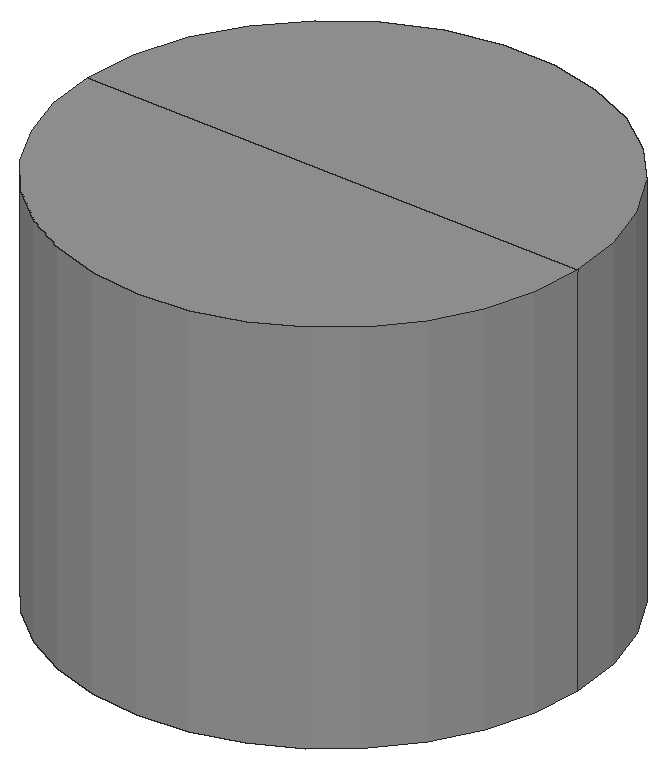
Revit family "DWO1_63_UN_Surface-mounted_ETK", category Lighting Fixtures, Revit 2019
Family settings
  Round Connector Dimension = Use Diameter
  Part Type = Normal
  OmniClass Number = 23.80.70.11.14.11
  OmniClass Title = Downlights
  Work Plane-Based = No
  Always vertical = Yes
  Cut with Voids When Loaded = No
  Light Source = No
  Shared = No
  Room Calculation Point = Yes
Parameters (values of type "DWO.1100.15 - 16W / 1300lm / 3000K")
  Wattage Comments = "16W"
  Voltage = 230 V
  URL = "http://www.etk.nl/producten/dwo-1/"
  Symbol_Waterproof [instance] = no
  Symbol_Emergency Lighting [instance] = no
  Switch Code [instance] = ""
  Model = "DWO.1"
  Manufacturer = "ETK licht B.V."
  Luminaire Code [instance] = ""
  Light Source = DWO.1 - Lightsource : DWO.1100.15 - 16W / 1300lm / 3000K
  Lamp = "LED"
  IfcExportType = "USERDEFINED"
  IfcExportAs = "IfcLightFixtureType"
  Hoogte = 100 mm
  Copyright © IVLighting = "www.IVLighting.nl"
  Bundle = "-"
  Radius = 65 mm
  Assembly Code = "63.0"
  Apparent Load = 16 VA
Types (5, lengths in mm): name | Wattage Comments | Light Source | Hoogte | Radius | Apparent Load
  (no name) | "16W" | DWO.1 - Lightsource : DWO.1100.15 - 16W / 1300lm / 3000K | 100 | 65 | 16 VA
  DWO.1100.15 - 16W / 1300lm / 3000K | "16W" | DWO.1 - Lightsource : DWO.1100.15 - 16W / 1300lm / 3000K | 100 | 65 | 16 VA
  DWO.1102.15 - 16W / 1300lm / 3000K | "16W" | DWO.1 - Lightsource : DWO.1102.15 - 16W / 1300lm / 3000K | 100 | 65 | 16 VA
  DWO.1300.15 - 25W / 2400lm / 3000K | "25W" | DWO.1 - Lightsource : DWO.1300.15 - 25W / 2400lm / 3000K | 130 | 97.5 | 25 VA
  DWO.1302.15 - 25W / 2400lm / 3000K | "25W" | DWO.1 - Lightsource : DWO.1302.15 - 25W / 2400lm / 3000K | 130 | 97.5 | 25 VA
Reference planes
  plane 1 "Center (Front/Back)": y = 0
  plane 2: z = 0
  plane 3 "Center (Left/Right)": x = 0
Forms (mm)
  Revolve 1, solid, material "15 Wit Ral9003"
    sketch origin (0, 0, -105) x (1, 0, 0) y (0, 0, 1)
      loop
        line (0, 205) -> (0, 195) -> (51.829, 195) -> (51.829, 117.937)
        spline (51.829, 117.937) -> (52.861, 117.57) -> (53.845, 117.073) -> (54.781, 116.447) -> (55.667, 115.692) -> (56.504, 114.807) -> (57.293, 113.794) -> (58.033, 112.651) -> (58.724, 111.379) -> (59.366, 109.978) -> (59.96, 108.448) -> (60.504, 106.789) -> (61, 105)
        line (61, 105) -> (65, 105) -> (65, 205) -> (0, 205)
      axis (0, 205) -> (0, 105)
    angle from 0 to 360
  Revolve 2, solid, material "Glass, White, High Luminance"
    sketch origin (0, 0, 0) x (1, 0, 0) y (0, 0, 1)
      loop
        line (0, 90) -> (0, 12.937) -> (51.829, 12.937) -> (51.829, 90) -> (0, 90)
      axis (0, 90) -> (0, 12.937)
    angle from 0 to 360
Dimensions and locks
  "Radius": Revolve 1 sketch curve to Revolve 1 sketch curve
  locked: Revolve 2 sketch curve to Revolve 1 at 13.171
  locked: Revolve 1 to Revolve 2 sketch curve at 10
  "Hoogte": Revolve 1 sketch curve to level
  locked: Revolve 1 sketch curve to Revolve 1 sketch curve at 10
  aligned and locked: level to plane 2
Automatic sketch dimensions
  Revolve 2 sketch curve to plane 3 "Center (Left/Right)" = 0 mm  (x2)
  level to Revolve 2 sketch curve = 12.937 mm
  Revolve 2 sketch curve to level = 10 mm
  Revolve 2 sketch curve to Revolve 2 sketch curve = 110 mm
  Revolve 1 sketch curve to plane 3 "Center (Left/Right)" = 0 mm  (x2)
  Revolve 1 sketch curve to level = 0 mm
  Revolve 1 sketch curve to Revolve 1 sketch curve = 13.171 mm
  Revolve 1 sketch curve to Revolve 1 sketch curve = 4 mm
  level to Revolve 1 sketch curve = 12.937 mm
  Revolve 1 sketch curve to level = 170 mm
  Revolve 1 sketch curve to Revolve 1 sketch curve = 155 mm
Nested families
  nested 1: "DWO.1 - Lightsource" at (0, 0, 12.937), type <- "Light Source", type "DWO.1100.15 - 16W / 1300lm / 3000K"
  nested 2: "DWO1.Light_Symbol_IVL" at (0, 0, 0), type "Lighting Fixture - Round"
Definition of nested family "DWO.1 - Lightsource"
  Parameters (values of type "DWO.1100.15 - 16W / 1300lm / 3000K")
    Wattage Comments = "16W"
    Wattage = 8.75174 W
    built-in parameter 1150110 = 1 (stored number, unit not read)
    URL = "https://www.etk.nl/?___store=en&___from_store=nl"
    built-in parameter 1114217 = 1 (stored number, unit not read)
    Tilt Angle = 90.00°
    built-in parameter 1150109 = 1 (stored number, unit not read)
    built-in parameter 1150134 = (empty or 0)
    built-in parameter 1150113 = 1 (stored number, unit not read)
    Photometric Web File = "dwo.1100.15.ies"
    Model = "DWO.2"
    Manufacturer = "ETK B.V."
    built-in parameter 1150105 = 103.45 (stored number, unit not read)
    Lumens = 1300 lm
    built-in parameter 1150115 = 1 (stored number, unit not read)
    built-in parameter 1150137 = (empty or 0)
    built-in parameter 1150139 = (empty or 0)
    built-in parameter 1150112 = 1 (stored number, unit not read)
    built-in parameter 1150114 = 1 (stored number, unit not read)
    Lamp = "LED"
    built-in parameter 1150132 = 2
    built-in parameter 1150102 = (empty or 0)
    built-in parameter 1150107 = 3000 (stored number, unit not read)
    built-in parameter 1150138 = (empty or 0)
    built-in parameter 1150106 = 1.0345 (stored number, unit not read)
    built-in parameter 1150104 = 13.8 (stored number, unit not read)
    Dimming Lamp Color Temperature Shift = (empty or 0)
    Description = "Light sources"
    Copyright © IVLighting = "www.ivlighting.nl"
    Color Filter = 16777215
    Bundle = "90°"
    built-in parameter 1114218 = 1 (stored number, unit not read)
    built-in parameter 1150133 = 10 (stored number, unit not read)
    Apparent Load = 16 VA
  Types (4, lengths in mm): name | Wattage Comments | Wattage | Photometric Web File | built-in parameter 1150105 | Lumens | built-in parameter 1150106 | Apparent Load
    DWO.1100.15 - 16W / 1300lm / 3000K | "16W" | 8.75174 W | "dwo.1100.15.ies" | 103.45 (stored number, unit not read) | 1300 lm | 1.0345 (stored number, unit not read) | 16 VA
    DWO.1300.15 - 25W / 2400lm / 3000K | "25W" | 16.1571 W | "dwo.1300.15.ies" | 190.99 (stored number, unit not read) | 2400 lm | 1.9099 (stored number, unit not read) | 25 VA
    DWO.1102.15 - 16W / 1300lm / 3000K | "16W" | 8.75174 W | "dwo.1102.15.ies" | 103.45 (stored number, unit not read) | 1300 lm | 1.0345 (stored number, unit not read) | 16 VA
    DWO.1302.15 - 25W / 2400lm / 3000K | "25W" | 16.1571 W | "dwo.1302.15.ies" | 190.99 (stored number, unit not read) | 2400 lm | 1.9099 (stored number, unit not read) | 25 VA
  Reference planes
    plane 1 "Center (Front/Back)": y = 0
    plane 2: z = 0
    plane 3 "Center (Left/Right)": x = 0
  Dimensions and locks
    aligned and locked: level to plane 2
Definition of nested family "DWO1.Light_Symbol_IVL"
  Parameters (values of type "Lighting Fixture - Round")
    Waterproof = no
    Lighting Fixture = yes
    Emergency Lighting = no
  Reference planes
    plane 1: y = 0
    plane 2: x = 0
  Lines and regions (mm)
    Filled region 1, type "Emergency Lighting", visible <- "Waterproof"
      outline origin (5.15, 1.04, 0) x (1, 0, 0) y (0, 1, 0)
        loop
          arc (-6.26, -1.34) -> (-5.15, -2.19) -> (-4.04, -1.34) r 1.15
          line (-4.04, -1.34) -> (-6.26, -1.34)
    Filled region 2, type "Emergency Lighting", visible <- "Emergency Lighting"
      outline origin (-5.15, 1.04, 0) x (0, 1, 0) y (-1, 0, 0)
        loop
          line (-1.04, -5.15) -> (-1.854, -5.963)
          arc (-1.854, -5.963) -> (-1.04, -6.3) -> (-0.227, -5.963) r 1.15
          line (-0.227, -5.963) -> (-1.04, -5.15)
    Filled region 3, type "Emergency Lighting", visible <- "Emergency Lighting"
      outline origin (5.15, 1.04, 0) x (1, 0, 0) y (0, 1, 0)
        loop
          line (-5.15, -1.04) -> (-5.963, -0.227)
          arc (-5.963, -0.227) -> (-6.3, -1.04) -> (-5.963, -1.854) r 1.15
          line (-5.963, -1.854) -> (-5.15, -1.04)
    detail lines, visible <- "Lighting Fixture"
      curve 1: circle (0, 0, 0) r 1.15 normal (0, 0, 1)
    detail lines, not visible
      curve 2: line (1.11, -0.3, 0) -> (-1.11, -0.3, 0)
    detail lines, visible <- "Waterproof"
      curve 3: circle (0, 0, 0) r 1.15 normal (0, 0, 1)
    detail lines, visible <- "Emergency Lighting"
      curve 4: circle (0, 0, 0) r 1.15 normal (0, 0, 1)
